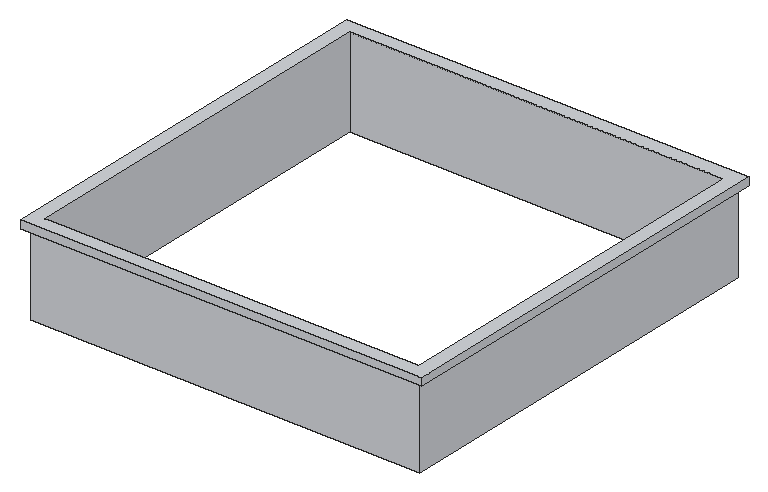
Revit family "MI-O-HU-BO", category Plumbing Fixtures, Revit 2018
Family settings
  Round Connector Dimension = Use Diameter
  Part Type = Normal
  Work Plane-Based = No
  Always vertical = Yes
  Cut with Voids When Loaded = No
  Shared = No
  Room Calculation Point = No
Parameters (values of type "MI-O-HU-C")
  URL = "WWW.MIFAB.COM"
  Model = "MI-O-HU-C"
  Manufacturer = "MIFAB"
  E- Height = 6.000"
  Description = "10 to 500 US G.P.M. OIL INTERCEPTOR WITH INTEGRAL OIL STORAGE TANK"
  B- Width = 26.500"
  A-Length = 26.000"
Types (18): name | Model | B- Width | A-Length
  (no name) | "MI-O-HU-C" | 26.500" | 26.000"
  MI-O-HU-1 | "MI-O-HU-1" | 46.500" | 29.000"
  MI-O-HU-2 | "MI-O-HU-2" | 44.500" | 37.000"
  MI-O-HU-3 | "MI-O-HU-3" | 65.500" | 43.000"
  MI-O-HU-4 | "MI-O-HU-4" | 65.000" | 49.000"
  MI-O-HU-5 | "MI-O-HU-5" | 90.000" | 58.000"
  MI-O-HU-6 | "MI-O-HU-6" | 90.000" | 62.000"
  MI-O-HU-7 | "MI-O-HU-7" | 76.000" | 66.000"
  MI-O-HU-8 | "MI-O-HU-8" | 90.000" | 73.250"
  MI-O-HU-9 | "MI-O-HU-9" | 90.000" | 73.250"
  MI-O-HU-10 | "MI-O-HU-10" | 86.000" | 94.875"
  MI-O-HU-11 | "MI-O-HU-11" | 94.000" | 100.875"
  MI-O-HU-12 | "MI-O-HU-12" | 91.000" | 107.875"
  MI-O-HU-13 | "MI-O-HU-13" | 83.000" | 118.875"
  MI-O-HU-14 | "MI-O-HU-14" | 83.000" | 118.875"
  MI-O-HU-A | "MI-O-HU-A" | 26.000" | 24.000"
  MI-O-HU-B | "MI-O-HU-B" | 26.500" | 26.000"
  MI-O-HU-C | "MI-O-HU-C" | 26.500" | 26.000"
Reference planes (in)
  plane 1 "Center (Front/Back)": y = 0
  plane 2: z = 0
  plane 3 "Center (Left/Right)": x = 0
  plane 4: x = -13
  plane 5: x = 13
  plane 6: y = 13.25
  plane 7: y = -13.25
  plane 8: z = 6
  plane 9: x = -12.5
  plane 10: x = 12.5
  plane 11: y = -12.75
  plane 12: y = 12.75
  plane 13: z = 5.01575
  plane 14: z = 0.3937
Forms (in)
  Extrusion 1, solid
    sketch origin (0, 0, 0) x (1, 0, 0) y (0, 1, 0)
      loop
        line (-13, 13.25) -> (-13, -13.25) -> (13, -13.25) -> (13, 13.25) -> (-13, 13.25)
      loop
        line (-12.5, 12.75) -> (-12.5, -12.75) -> (12.5, -12.75) -> (12.5, 12.75) -> (-12.5, 12.75)
    from 0 to 6
  Sweep 2, solid
    path in 3D
      loop
        line (13, 13.25, 6) -> (-13, 13.25, 6) -> (-13, -13.25, 6) -> (13, -13.25, 6) -> (13, 13.25, 6)
    profile origin (13, 0, 6) x (-1, 0, 0) y (0, 0, 1)
      loop
        line (0, 0) -> (-0.3937, 0) -> (-0.3937, -0.5) -> (0, -0.5) -> (0, 0)
Cuts and joins
  joined: Extrusion 1, Sweep 2
Lines and regions (in)
  sketch lines
    curve 1: line (13, -13.25, 6) -> (13, 13.25, 6)
    curve 2: line (13, 13.25, 6) -> (-13, 13.25, 6)
    curve 3: line (-13, 13.25, 6) -> (-13, -13.25, 6)
    curve 4: line (-13, -13.25, 6) -> (13, -13.25, 6)
Dimensions and locks (in)
  equal spacing: plane 4, plane 3 "Center (Left/Right)", plane 5
  "A-Length": plane 4 to plane 5
  equal spacing: plane 7, plane 1 "Center (Front/Back)", plane 6
  "B- Width": plane 7 to plane 6
  "E- Height": plane 8 to plane 2
  locked: plane 7 to plane 11 at 0.5
  locked: plane 6 to plane 12 at 0.5
  locked: plane 4 to plane 9 at 0.5
  locked: plane 10 to plane 5 at 0.5
  plane 8 to Sweep 2 sketch curve = 0.500"
  locked: plane 5 to Sweep 2 sketch curve at 0.3937
  locked: plane 8 to plane 13 at 0.98425
  locked: plane 14 to plane 2 at 0.3937
  aligned and locked: level to plane 2
  aligned and locked: Extrusion 1 sketch curve to plane 4
  aligned and locked: Extrusion 1 sketch curve to plane 6
  aligned and locked: plane 5 to Extrusion 1 sketch curve
  aligned and locked: plane 7 to Extrusion 1 sketch curve
  aligned and locked: Extrusion 1 sketch curve to plane 9
  aligned and locked: Extrusion 1 sketch curve to plane 10
  aligned and locked: Extrusion 1 sketch curve to plane 12
  aligned and locked: Extrusion 1 sketch curve to plane 11
  aligned and locked: plane 8 to Extrusion 1
  aligned and locked: Extrusion 1 to level
Automatic sketch dimensions
  Sweep 2 sketch curve to profile plane = 0.000"  (x2)
